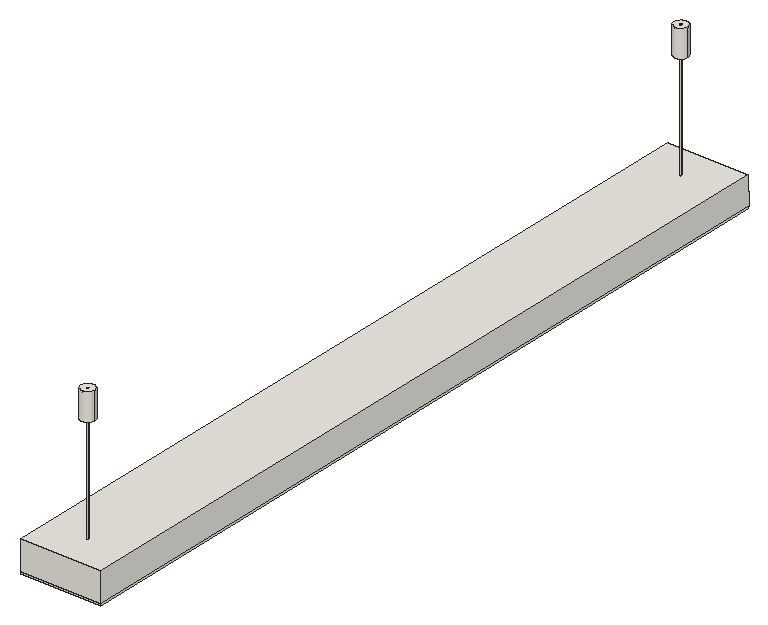
Revit family "ERA_LF_PR_SPO-532", category Осветительные приборы, Revit 2019 (continued)
Types (4, lengths in mm): name | built-in parameter 1150134 | Файл фотометрической сетки | built-in parameter 1150142 | _УГО_Длина | _УГО_Диаметр | Lumens | Emit from Rectangle Length | _Корпус_Длина | built-in parameter 1150107 | _Подвес_Расстояние | URL | ADSK_Размер_Длина | ADSK_Полная мощность | ADSK_Номинальная мощность | ADSK_Масса | ADSK_Марка | ADSK_Обозначение | ADSK_Наименование
  SPO-532-0-40K-018, LED, IP20, 600х60х23 мм (ДхШхВ), 18 Вт, 4000 К, 1500 лм, класс защиты I, в комплекте (импульсный драйвер, поликарбонат) | 2 | "SPO-532-0-40K-018.ies" | "IESNA:LM-63-1995\r\n[DATA] 14.08.2014\r\n[MANUFAC]??ÐÀ\r\n[LUMCAT] \r\n[LUMINAIRE]  SPO-532-0-40K-018 \r\n[LAMP] LED\r\nTILT=NONE\r\n1 1600 1.506 46 37 1 2 0.600 0.060 0.023\r\n1 1 17.8\r\n0.0000 2.0000 4.0000 6.0000 8.0000 10.0000 12.0000 14.0000 16.0000 18.0000 20.0000 22.0000 24.0000 26.0000 28.0000 30.0000 32.0000 34.0000 36.0000 38.0000 40.0000 42.0000 44.0000 46.0000 48.0000 50.0000 52.0000 54.0000 56.0000 58.0000 60.0000 62.0000 64.0000 66.0000 68.0000 70.0000 72.0000 74.0000 76.0000 78.0000 80.0000 82.0000 84.0000 86.0000 88.0000 90.0000 \r\n0.0000 10.0000 20.0000 30.0000 40.0000 50.0000 60.0000 70.0000 80.0000 90.0000 100.0000 110.0000 120.0000 130.0000 140.0000 150.0000 160.0000 170.0000 180.0000 190.0000 200.0000 210.0000 220.0000 230.0000 240.0000 250.0000 260.0000 270.0000 280.0000 290.0000 300.0000 310.0000 320.0000 330.0000 340.0000 350.0000 360.0000 \r\n351.8476 351.8476 351.0617 349.4898 347.6558 345.0360 342.4161 338.7483 334.8185 330.3648 325.1250 320.1473 314.1216 308.0959 301.0223 293.9487 286.6130 278.2295 270.6319 261.7243 253.0788 244.1713 234.4778 225.0463 215.0908 204.8733 194.6558 184.4384 173.9589 163.4795 152.4760 141.7346 130.7312 119.9897 108.9863 98.2449 87.7654 77.0240 66.8065 56.5890 46.3716 36.9401 27.7706 18.6010 10.4795 3.1438 \r\n351.8476 351.8318 351.0459 349.4819 347.6558 345.0281 342.4240 338.7325 334.8185 330.3648 325.1408 320.1473 314.1137 308.0801 301.0223 293.9487 286.6051 278.2374 270.6240 261.7243 253.0709 244.1634 234.4699 225.0384 215.0829 204.8733 194.6637 184.4384 173.9668 163.4953 152.4839 141.7425 130.7391 119.9976 109.0100 98.2607 87.7733 77.0556 66.8302 56.6206 46.4032 36.9717 27.7863 18.6247 10.5032 3.1596 \r\n351.8476 351.7863 351.0004 349.4591 347.6558 345.0053 342.4468 338.6870 334.8185 330.3648 325.1863 320.1473 314.0910 308.0346 301.0223 293.9487 286.5824 278.2601 270.6012 261.7243 253.0481 244.1406 234.4471 225.0156 215.0601 204.8733 194.6865 184.4384 173.9896 163.5408 152.5067 141.7652 130.7618 120.0204 109.0782 98.3062 87.7961 77.1466 66.8985 56.7116 46.4942 37.0627 27.8318 18.6930 10.5714 3.2051 \r\n351.8476 351.7166 350.9307 349.4243 347.6558 344.9705 342.4816 338.6173 334.8185 330.3648 325.2560 320.1473 314.0561 307.9649 301.0223 293.9487 286.5475 278.2950 270.5664 261.7243 253.0133 244.1058 234.4123 224.9808 215.0253 204.8733 194.7213 184.4384 174.0244 163.6105 152.5415 141.8001 130.7967 120.0552 109.1828 98.3759 87.8309 77.2860 67.0030 56.8510 46.6336 37.2021 27.9015 18.7975 10.6759 3.2748 \r\n351.8476 351.6311 350.8452 349.3815 347.6558 344.9277 342.5244 338.5318 334.8185 330.3648 325.3415 320.1473 314.0134 307.8794 301.0223 293.9487 286.5048 278.3377 270.5236 261.7243 252.9705 244.0630 234.3695 224.9380 214.9825 204.8733 194.7641 184.4384 174.0672 163.6960 152.5843 141.8428 130.8394 120.0980 109.3111 98.4614 87.8737 77.4570 67.1313 57.0220 46.8046 37.3731 27.9870 18.9258 10.8042 3.3603 \r\n351.8476 351.5401 350.7542 349.3360 347.6558 344.8822 342.5699 338.4408 334.8185 330.3648 325.4325 320.1473 313.9679 307.7884 301.0223 293.9487 286.4593 278.3832 270.4781 261.7243 252.9250 244.0175 234.3240 224.8925 214.9370 204.8733 194.8096 184.4384 174.1127 163.7869 152.6298 141.8883 130.8849 120.1435 109.4475 98.5524 87.9192 77.6389 67.2677 57.2040 46.9865 37.5550 28.0780 19.0623 10.9407 3.4513 \r\n351.8476 351.4546 350.6687 349.2933 347.6558 344.8395 342.6126 338.3553 334.8185 330.3648 325.5180 320.1473 313.9251 307.7029 301.0223 293.9487 286.4165 278.4260 270.4354 261.7243 252.8823 243.9748 234.2813 224.8498 214.8943 204.8733 194.8523 184.4384 174.1554 163.8724 152.6725 141.9311 130.9277 120.1862 109.5758 98.6379 87.9619 77.8099 67.3960 57.3750 47.1575 37.7260 28.1635 19.1905 11.0689 3.5368 \r\n351.8476 351.3849 350.5990 349.2584 347.6558 344.8046 342.6475 338.2856 334.8185 330.3648 325.5877 320.1473 313.8903 307.6332 301.0223 293.9487 286.3817 278.4608 270.4005 261.7243 252.8474 243.9399 234.2464 224.8149 214.8594 204.8733 194.8872 184.4384 174.1903 163.9421 152.7074 141.9659 130.9625 120.2211 109.6803 98.7076 87.9968 77.9493 67.5005 57.5144 47.2969 37.8654 28.2332 19.2950 11.1735 3.6065 \r\n351.8476 351.3395 350.5535 349.2357 347.6558 344.7819 342.6702 338.2401 334.8185 330.3648 325.6332 320.1473 313.8675 307.5877 301.0223 293.9487 286.3589 278.4836 270.3778 261.7243 252.8247 243.9172 234.2237 224.7922 214.8367 204.8733 194.9099 184.4384 174.2130 163.9876 152.7301 141.9887 130.9853 120.2438 109.7486 98.7530 88.0195 78.0403 67.5688 57.6054 47.3879 37.9564 28.2787 19.3633 11.2417 3.6520 \r\n351.8476 351.3237 350.5377 349.2278 347.6558 344.7740 342.6781 338.2243 334.8185 330.3648 325.6490 320.1473 313.8596 307.5719 301.0223 293.9487 286.3510 278.4915 270.3699 261.7243 252.8168 243.9093 234.2158 224.7843 214.8288 204.8733 194.9178 184.4384 174.2209 164.0034 152.7380 141.9966 130.9932 120.2517 109.7723 98.7688 88.0274 78.0719 67.5925 57.6370 47.4195 37.9880 28.2945 19.3870 11.2654 3.6678 \r\n351.8476 351.3237 350.5140 349.2278 347.6242 344.7424 342.6307 338.2006 334.7790 330.2936 325.5700 320.0604 313.7727 307.5008 300.9433 293.8776 286.2799 278.4204 270.2751 261.6295 252.7220 243.8066 234.1210 224.7132 214.7656 204.8259 194.8704 184.4068 174.1893 163.9560 152.7143 141.9650 130.9695 120.2122 109.7328 98.7293 87.9879 78.0087 67.5214 57.5580 47.3405 37.9011 28.2392 19.3080 11.1396 3.6196 \r\n351.8476 351.3237 350.4458 349.2278 347.5333 344.6514 342.4942 338.1324 334.6653 330.0889 325.3425 319.8102 313.5225 307.2961 300.7158 293.6728 286.0752 278.2156 270.0021 261.3566 252.4490 243.5109 233.8480 224.5084 214.5836 204.6894 194.7339 184.3158 174.0983 163.8196 152.6461 141.8740 130.9012 120.0985 109.6190 98.6156 87.8742 77.8267 67.3166 57.3305 47.1131 37.6509 28.0800 19.0805 10.7775 3.4808 \r\n351.8476 351.3237 350.3412 349.2278 347.3939 344.5120 342.2851 338.0278 334.4910 329.7753 324.9940 319.4268 313.1391 306.9825 300.3673 293.3592 285.7616 277.9020 269.5839 260.9384 252.0308 243.0578 233.4298 224.1948 214.3048 204.4803 194.5248 184.1764 173.9589 163.6105 152.5415 141.7346 130.7967 119.9242 109.4448 98.4414 87.6999 77.5479 67.0030 56.9820 46.7645 37.2675 27.8360 18.7320 10.2226 3.2682 \r\n351.8476 351.3237 350.2130 349.2278 347.2229 344.3410 342.0286 337.8996 334.2773 329.3905 324.5665 318.9566 312.6689 306.5977 299.9398 292.9744 285.3768 277.5172 269.0709 260.4254 251.5178 242.5020 232.9168 223.8100 213.9628 204.2238 194.2683 184.0054 173.7879 163.3540 152.4133 141.5636 130.6684 119.7105 109.2310 98.2276 87.4862 77.2059 66.6182 56.5545 46.3370 36.7973 27.5368 18.3045 9.5420 3.0074 \r\n351.8476 351.3237 350.0765 349.2278 347.0409 344.1590 341.7557 337.7631 334.0498 328.9811 324.1116 318.4561 312.1685 306.1883 299.4849 292.5650 284.9674 277.1078 268.5250 259.8794 250.9719 241.9106 232.3709 223.4006 213.5989 203.9509 193.9954 183.8234 173.6059 163.0810 152.2768 141.3816 130.5319 119.4830 109.0036 98.0001 87.2587 76.8420 66.2088 56.0996 45.8821 36.2969 27.2183 17.8496 8.8176 2.7298 \r\n351.8476 351.3237 349.9482 349.2278 346.8699 343.9880 341.4992 337.6349 333.8361 328.5963 323.6841 317.9859 311.6982 305.8035 299.0574 292.1802 284.5826 276.7230 268.0120 259.3664 250.4589 241.3549 231.8579 223.0158 213.2569 203.6944 193.7389 183.6524 173.4349 162.8245 152.1486 141.2106 130.4037 119.2693 108.7898 97.7864 87.0449 76.5000 65.8241 55.6721 45.4546 35.8266 26.9191 17.4221 8.1370 2.4690 \r\n351.8476 351.3237 349.8437 349.2278 346.7305 343.8486 341.2901 337.5303 333.6618 328.2827 323.3356 317.6025 311.3149 305.4899 298.7089 291.8666 284.2690 276.4094 267.5938 258.9482 250.0407 240.9018 231.4397 222.7022 212.9781 203.4853 193.5298 183.5130 173.2955 162.6154 152.0440 141.0712 130.2991 119.0950 108.6156 97.6121 86.8707 76.2212 65.5104 55.3236 45.1061 35.4433 26.6751 17.0736 7.5821 2.2564 \r\n351.8476 351.3237 349.7754 349.2278 346.6395 343.7577 341.1536 337.4621 333.5481 328.0780 323.1081 317.3523 311.0647 305.2852 298.4814 291.6619 284.0643 276.2047 267.3208 258.6753 249.7678 240.6061 231.1667 222.4975 212.7961 203.3488 193.3933 183.4220 173.2046 162.4789 151.9758 140.9802 130.2309 118.9813 108.5018 97.4984 86.7570 76.0392 65.3057 55.0961 44.8787 35.1931 26.5159 16.8461 7.2200 2.1176 \r\n351.8476 351.3237 349.7517 349.2278 346.6079 343.7261 341.1062 337.4384 333.5086 328.0069 323.0291 317.2654 310.9778 305.2141 298.4024 291.5908 283.9932 276.1336 267.2260 258.5805 249.6730 240.5034 231.0719 222.4264 212.7329 203.3014 193.3459 183.3904 173.1730 162.4315 151.9521 140.9486 130.2072 118.9418 108.4623 97.4589 86.7175 75.9760 65.2346 55.0171 44.7997 35.1062 26.4606 16.7671 7.0942 2.0694 \r\n351.8476 351.3237 349.7517 349.1962 346.6079 343.7182 341.0904 337.4068 333.4770 327.9990 323.0212 317.2496 310.9778 305.1904 298.3866 291.5671 283.9537 276.0941 267.2023 258.5489 249.6572 240.5034 231.0798 222.4185 212.7092 203.2540 193.2906 183.3272 173.0861 162.3762 151.9047 140.9091 130.1677 118.9260 108.4386 97.4510 86.7175 75.9918 65.2662 55.0487 44.8313 35.1378 26.4237 16.5392 6.9539 2.0212 \r\n351.8476 351.3237 349.7517 349.1052 346.6079 343.6954 341.0449 337.3158 333.3860 327.9762 322.9985 317.2041 310.9778 305.1221 298.3411 291.4988 283.8399 275.9803 267.1341 258.4579 249.6117 240.5034 231.1026 222.3957 212.6409 203.1175 193.1314 183.1452 172.8358 162.2170 151.7682 140.7954 130.0540 118.8805 108.3704 97.4283 86.7175 76.0373 65.3572 55.1397 44.9223 35.2288 26.3174 15.8831 6.5498 1.8823 \r\n351.8476 351.3237 349.7517 348.9658 346.6079 343.6606 340.9752 337.1764 333.2466 327.9414 322.9636 317.1344 310.9778 305.0176 298.2714 291.3943 283.6657 275.8061 267.0296 258.3185 249.5420 240.5034 231.1374 222.3609 212.5364 202.9084 192.8874 182.8664 172.4525 161.9730 151.5591 140.6211 129.8797 118.8108 108.2658 97.3934 86.7175 76.1070 65.4966 55.2791 45.0617 35.3682 26.1545 14.8778 5.9308 1.6695 \r\n351.8476 351.3237 349.7517 348.7948 346.6079 343.6178 340.8897 337.0054 333.0756 327.8986 322.9209 317.0489 310.9778 304.8893 298.1859 291.2660 283.4519 275.5923 266.9013 258.1475 249.4565 240.5034 231.1802 222.3181 212.4081 202.6519 192.5882 182.5244 171.9822 161.6738 151.3026 140.4074 129.6660 118.7253 108.1376 97.3507 86.7175 76.1925 65.6676 55.4501 45.2327 35.5392 25.9548 13.6446 5.1715 1.4084 \r\n351.8476 351.3237 349.7517 348.6128 346.6079 343.5723 340.7987 336.8234 332.8936 327.8531 322.8754 316.9580 310.9778 304.7528 298.0949 291.1295 283.2245 275.3649 266.7648 257.9655 249.3655 240.5034 231.2257 222.2726 212.2717 202.3789 192.2697 182.1605 171.4818 161.3553 151.0296 140.1799 129.4385 118.6343 108.0011 97.3052 86.7175 76.2835 65.8496 55.6321 45.4146 35.7211 25.7422 12.3323 4.3634 1.1306 \r\n351.8476 351.3237 349.7517 348.4418 346.6079 343.5296 340.7132 336.6524 332.7226 327.8104 322.8326 316.8725 310.9778 304.6246 298.0094 291.0013 283.0107 275.1511 266.6366 257.7945 249.2800 240.5034 231.2684 222.2299 212.1434 202.1224 191.9705 181.8185 171.0115 161.0561 150.7731 139.9662 129.2247 118.5488 107.8729 97.2624 86.7175 76.3690 66.0206 55.8031 45.5856 35.8921 25.5424 11.0992 3.6040 0.8696 \r\n351.8476 351.3237 349.7517 348.3024 346.6079 343.4947 340.6435 336.5130 332.5832 327.7755 322.7978 316.8028 310.9778 304.5200 297.9397 290.8968 282.8365 274.9769 266.5320 257.6551 249.2103 240.5034 231.3033 222.1950 212.0389 201.9133 191.7265 181.5397 170.6282 160.8121 150.5640 139.7919 129.0505 118.4791 107.7683 97.2276 86.7175 76.4387 66.1600 55.9425 45.7250 36.0315 25.3795 10.0939 2.9850 0.6568 \r\n351.8476 351.3237 349.7517 348.2114 346.6079 343.4720 340.5980 336.4220 332.4922 327.7528 322.7750 316.7573 310.9778 304.4518 297.8942 290.8285 282.7227 274.8631 266.4638 257.5641 249.1648 240.5034 231.3260 222.1723 211.9706 201.7769 191.5673 181.3577 170.3780 160.6529 150.4275 139.6782 128.9368 118.4336 107.7001 97.2048 86.7175 76.4842 66.2509 56.0335 45.8160 36.1225 25.2732 9.4378 2.5810 0.5179 \r\n351.8476 351.3237 349.7517 348.1798 346.6079 343.4641 340.5822 336.3904 332.4606 327.7449 322.7671 316.7415 310.9778 304.4281 297.8784 290.8048 282.6832 274.8237 266.4401 257.5326 249.1490 240.5034 231.3339 222.1644 211.9469 201.7295 191.5120 181.2945 170.2911 160.5976 150.3801 139.6387 128.8973 118.4178 107.6764 97.1969 86.7175 76.5000 66.2825 56.0651 45.8476 36.1541 25.2363 9.2100 2.4407 0.4697 \r\n351.8476 351.3395 349.7912 348.2193 346.6395 343.5115 340.6375 336.4615 332.5318 327.8239 322.8383 316.8442 311.0726 304.5387 297.9733 290.8996 282.8018 274.9264 266.5665 257.6590 249.2675 240.6141 231.4287 222.2513 212.0417 201.8243 191.6068 181.3893 170.4017 160.6845 150.4434 139.7019 128.9526 118.4652 107.7159 97.2285 86.7491 76.5158 66.2983 56.0809 45.8634 36.1778 25.3128 9.4932 2.6831 0.5503 \r\n351.8476 351.3850 349.9050 348.3331 346.7305 343.6480 340.7968 336.6663 332.7365 328.0514 323.0430 317.1399 311.3455 304.8572 298.2462 291.1726 283.1430 275.2221 266.9305 258.0229 249.6087 240.9325 231.7017 222.5015 212.3147 202.0973 191.8798 181.6623 170.7202 160.9347 150.6253 139.8839 129.1118 118.6017 107.8296 97.3195 86.8401 76.5613 66.3438 56.1264 45.9089 36.2461 25.5328 10.3086 3.3811 0.7825 \r\n351.8476 351.4547 350.0792 348.5073 346.8699 343.8571 341.0407 336.9799 333.0501 328.3999 323.3566 317.5930 311.7638 305.3451 298.6644 291.5908 283.6657 275.6751 267.4881 258.5805 250.1315 241.4204 232.1199 222.8849 212.7329 202.5155 192.2980 182.0805 171.2081 161.3181 150.9041 140.1627 129.3558 118.8108 108.0039 97.4589 86.9795 76.6310 66.4135 56.1961 45.9786 36.3506 25.8699 11.5578 4.4505 1.1382 \r\n351.8476 351.5402 350.2930 348.7211 347.0409 344.1136 341.3400 337.3647 333.4349 328.8274 323.7414 318.1487 312.2768 305.9436 299.1774 292.1038 284.3070 276.2309 268.1721 259.2645 250.7727 242.0189 232.6329 223.3551 213.2459 203.0285 192.8110 182.5935 171.8066 161.7884 151.2461 140.5047 129.6550 119.0673 108.2176 97.6299 87.1505 76.7165 66.4990 56.2816 46.0641 36.4789 26.2834 13.0902 5.7622 1.5746 \r\n351.8476 351.6311 350.5205 348.9485 347.2229 344.3865 341.6584 337.7741 333.8443 329.2823 324.1508 318.7401 312.8227 306.5805 299.7234 292.6497 284.9894 276.8223 268.9000 259.9924 251.4551 242.6558 233.1788 223.8556 213.7919 203.5744 193.3569 183.1395 172.4435 162.2888 151.6101 140.8687 129.9735 119.3403 108.4451 97.8119 87.3324 76.8075 66.5900 56.3726 46.1551 36.6153 26.7235 14.7210 7.1581 2.0390 \r\n351.8476 351.7166 350.7342 349.1623 347.3939 344.6430 341.9577 338.1589 334.2291 329.7098 324.5356 319.2959 313.3357 307.1790 300.2364 293.1627 285.6306 277.3781 269.5840 260.6764 252.0964 243.2543 233.6918 224.3258 214.3048 204.0874 193.8699 183.6524 173.0420 162.7590 151.9521 141.2107 130.2727 119.5968 108.6588 97.9829 87.5034 76.8930 66.6755 56.4581 46.2406 36.7436 27.1370 16.2534 8.4699 2.4753 \r\n351.8476 351.7863 350.9084 349.3365 347.5333 344.8521 342.2016 338.4725 334.5427 330.0583 324.8492 319.7489 313.7539 307.6669 300.6546 293.5809 286.1534 277.8311 270.1416 261.2340 252.6191 243.7422 234.1100 224.7092 214.7230 204.5056 194.2881 184.0706 173.5299 163.1424 152.2309 141.4894 130.5167 119.8059 108.8331 98.1223 87.6428 76.9627 66.7452 56.5278 46.3103 36.8481 27.4741 17.5026 9.5392 2.8310 \r\n351.8476 351.8318 351.0222 349.4503 347.6243 344.9886 342.3608 338.6772 334.7474 330.2858 325.0539 320.0446 314.0268 307.9853 300.9275 293.8539 286.4946 278.1268 270.5055 261.5980 252.9603 244.0607 234.3830 224.9594 214.9960 204.7785 194.5611 184.3436 173.8483 163.3926 152.4129 141.6714 130.6759 119.9423 108.9468 98.2133 87.7338 77.0082 66.7907 56.5732 46.3558 36.9164 27.6941 18.3179 10.2371 3.0632 \r\n351.8476 351.8476 351.0617 349.4898 347.6558 345.0360 342.4161 338.7483 334.8185 330.3648 325.1250 320.1473 314.1216 308.0959 301.0223 293.9487 286.6130 278.2295 270.6319 261.7243 253.0788 244.1713 234.4778 225.0463 215.0908 204.8733 194.6558 184.4384 173.9589 163.4795 152
    .4760 141.7346 130.7312 119.9897 108.9863 98.2449 87.7654 77.0240 66.8065 56.5890 46.3716 36.9401 27.7706 18.6010 10.4795 3.1438 \r\n" | 6.00 | 6.00 | 1500 lm | 600.00 | 600.00 | 4000 (stored number, unit not read) | 550.00 | "https://www.eraworld.ru/catalog/2650724" | 600.00 | 20 VA | 18 W | 0.3 | "SPO-532-0-40K-018" | "SPO-532-0-40K-018" | "Светильник, LED, прямоугольный, подвесной, IP20, 600х60х23 мм (ДхШхВ), 18 Вт, 4000 К, 1500 лм, класс защиты I, в комплекте (импульсный драйвер, поликарбонат)"
